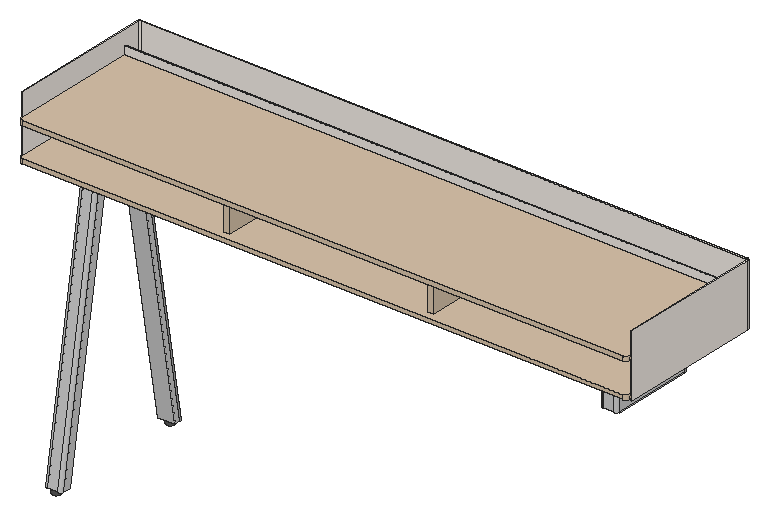
Revit family "Haworth_ActiveComponents_SideCar_Basic_BUILD", category Furniture Systems, Revit 2015
Parameters (values of type "72w 8h - Stanchion with Leg")
  Support Column = no
  Stanchion with Leg = yes
  Stanchion Offset = 4 1/4"  # constant formula
  Width = 72"
  Warranty = "http://www.haworth.com/resources/product-info/warranties"
  URL - Product = "http://www.haworth.com/products/workspaces/accessories/active-components"
  URL = "http://www.haworth.com/"
  Type Comments = ""
  Trim Finish [instance] = Haworth _ Metal _ Brushed Aluminum
  Sustainability Info = "https://www.haworth.com/company-info/sustainability"
  Size = "Verify Final Dim. w/ Haworth"  # constant formula
  Shroud Finish [instance] = Haworth _ Paint _ Plaster
  Shelf Height = 1/2"  # constant formula
  Shelf Finish [instance] = Haworth _ Wood _ White Oak
  Revision Number = "1"  # constant formula
  No Supports = not(or(Support Column, Freestanding Support Leg_Double, Stanchion with Leg))  # no
  Model = "APSB, AQSB, ALSB, AZSB, ASSB, AYSB"  # constant formula
  Min. Width = 48"  # constant formula
  Min. Height = 8"  # constant formula
  Max. Width = 72"  # constant formula
  Max. Height = 14"  # constant formula
  Manufacturer = "Haworth"  # constant formula
  Left Leg Control = or(Freestanding Support Leg_Double, Stanchion with Leg)  # yes
  Height = 8"
  Freestanding Support Leg_Double = no
  Divider 3 Cubbies Control = Actual Width = 72"  # yes
  Divider 2 Cubbies Control = not(Divider 3 Cubbies Control)  # no
  Description = "Haworth - Active Components - Basic Side Car - 72w 8h"
  Custom Size = not(or(Width = 48", Width = 60", Width = 72"))  # no
  Author = "Haworth (Alias)"  # constant formula
  Assembly Code = "E2020200"
  Support Offset = (Actual Width - 6 3/8" - 4") / 2  # 30 13/16"
  Actual Width = if(Width < Min. Width, Min. Width, if(Width > Max. Width, Max. Width, Width))  # 72"
  Actual Mounting Height = 33 1/2"  # constant formula
  Actual Height = if(Height < Min. Height, Min. Height, if(Height > Max. Height, Max. Height, Height))  # 8"
  Actual Depth = 18"  # constant formula
Types (4): name | Support Column | Stanchion with Leg | No Supports | Left Leg Control | Freestanding Support Leg_Double
  72w 8h - Panel Mounted | no | no | yes | no | no
  72w 8h - Panel Mounted with Column | yes | no | no | no | no
  72w 8h - Freestanding | no | no | no | yes | yes
  72w 8h - Stanchion with Leg | no | yes | no | yes | no
Reference planes (in)
  plane 1 "Back": y = -1.25
  plane 2: z = 0
  plane 3 "Center L/R": x = 0
  plane 4 "Left": x = -36
  plane 5 "Right": x = 36
  plane 6 "Front": y = -19.25
  plane 7 "Bottom Shelf": z = 33.5
  plane 8 "Center (Front/Back)": y = -10.25
  plane 9 "Left Inside": x = -35.875
  plane 10 "Right Inside": x = 35.875
  plane 11: y = -1.375
  plane 12: z = 40.87
  plane 13: x = -0.39062
  plane 14: x = 0.39063
  plane 15: z = 33.75
  plane 16: z = 34.25
  plane 17: z = 38.3125
  plane 18: z = 37.8125
  plane 19: x = -11.625
  plane 20: x = -12.375
  plane 21: x = 11.625
  plane 22: x = 12.375
  plane 23 "Reinforcement Chanel Bottom": z = 32.87
  plane 24: x = -30.8125
  plane 25: x = 30.8125
  plane 26: x = 31.75
Forms (in)
  Extrusion 1, solid, material "Haworth _ Wood _ White Oak" <- "Shelf Finish"
    sketch origin (0, 0, 0) x (1, 0, 0) y (0, 1, 0)
      loop
        arc (-35.875, -18.75) -> (-35.72855, -19.10355) -> (-35.375, -19.25) r 0.5
        line (-35.375, -19.25) -> (35.375, -19.25)
        arc (35.375, -19.25) -> (35.72855, -19.10355) -> (35.875, -18.75) r 0.5
        line (35.875, -18.75) -> (35.875, -3.6353) -> (-35.875, -3.6353) -> (-35.875, -18.75)
    from 37.8125 to 38.3125
  Extrusion 2, solid, material "Haworth _ Wood _ White Oak" <- "Shelf Finish"
    sketch origin (0, 0, 0) x (1, 0, 0) y (0, 1, 0)
      loop
        line (-35.375, -19.25) -> (35.375, -19.25)
        arc (35.375, -19.25) -> (35.72855, -19.10355) -> (35.875, -18.75) r 0.5
        line (35.875, -18.75) -> (35.875, -6.54) -> (31.84375, -6.54)
        arc (31.84375, -6.54) -> (31.64488, -6.45762) -> (31.5625, -6.25875) r 0.28125
        line (31.5625, -6.25875) -> (31.5625, -1.385) -> (-31.5625, -1.385) -> (-31.5625, -6.25875)
        arc (-31.5625, -6.25875) -> (-31.64488, -6.45762) -> (-31.84375, -6.54) r 0.28125
        line (-31.84375, -6.54) -> (-35.875, -6.54) -> (-35.875, -18.75)
        arc (-35.875, -18.75) -> (-35.72855, -19.10355) -> (-35.375, -19.25) r 0.5
    from 33.75 to 34.25
  Extrusion 3, solid, material "Haworth _ Wood _ White Oak" <- "Shelf Finish", visible <- "Divider 2 Cubbies Control"
    sketch origin (0, 0, 0) x (1, 0, 0) y (0, 1, 0)
      loop
        line (-0.39062, -7.286) -> (-0.39062, -18.286) -> (0.39063, -18.286) -> (0.39063, -7.286) -> (-0.39062, -7.286)
    from 34.25 to 37.8125
  Extrusion 4, solid, material "Haworth _ Paint _ Plaster" <- "Shroud Finish"
    sketch origin (0, 0, 0) x (1, 0, 0) y (0, 1, 0)
      loop
        line (-35.80469, -3.5606) -> (-35.80469, -3.6353) -> (35.80469, -3.6353) -> (35.80469, -3.5606) -> (-35.80469, -3.5606)
    from 37.8125 to 39.2403
  Extrusion 5, solid, material "Haworth _ Wood _ White Oak" <- "Shelf Finish", visible <- "Divider 3 Cubbies Control"
    sketch origin (0, 0, 0) x (1, 0, 0) y (0, 1, 0)
      loop
        line (-12.375, -7.286) -> (-12.375, -18.286) -> (-11.625, -18.286) -> (-11.625, -7.286) -> (-12.375, -7.286)
      loop
        line (12.375, -7.286) -> (11.625, -7.286) -> (11.625, -18.286) -> (12.375, -18.286) -> (12.375, -7.286)
    from 34.25 to 37.8125
  Sweep 6, solid, material "Haworth _ Paint _ Plaster" <- "Shroud Finish"
    path origin (0, -10.25, 0) x (-1, 0, 0) y (0, 0, 1)
      loop
        line (0, 33.5) -> (0, 40.87)
    profile origin (0, -10.25, 37.185) x (1, 0, 0) y (0, 1, 0)
      loop
        line (-36, -8.312) -> (-35.875, -8.312) -> (-35.875, 8.67578)
        arc (-35.875, 8.67578) -> (-35.81665, 8.81665) -> (-35.67578, 8.875) r 0.19922
        line (-35.67578, 8.875) -> (35.67578, 8.875)
        arc (35.67578, 8.875) -> (35.81665, 8.81665) -> (35.875, 8.67578) r 0.19922
        line (35.875, 8.67578) -> (35.875, -8.312) -> (36, -8.312) -> (36, 8.67578)
        arc (36, 8.67578) -> (35.90504, 8.90504) -> (35.67578, 9) r 0.32422
        line (35.67578, 9) -> (-35.67578, 9)
        arc (-35.67578, 9) -> (-35.90504, 8.90504) -> (-36, 8.67578) r 0.32422
        line (-36, 8.67578) -> (-36, -8.312)
  Sweep 7, solid, material "Haworth _ Metal _ Brushed Aluminum" <- "Trim Finish"
    path origin (0, 0, 33.5) x (0, 1, 0) y (-1, 0, 0)
      loop
        line (-10.25, 24.60937) -> (-10.25, -23.60938)
    profile origin (-0.5, -10.25, 33.5) x (0, 1, 0) y (0, 0, 1)
      loop
        arc (-2.34, -0.125) -> (-2.37661, -0.03661) -> (-2.465, 0) r 0.125
        line (-2.465, 0) -> (-3.02, 0) -> (-3.02, -0.06) -> (-2.4625, -0.06)
        arc (-2.4625, -0.06) -> (-2.41831, -0.0783) -> (-2.4, -0.1225) r 0.0625
        line (-2.4, -0.1225) -> (-2.4, -0.505)
        arc (-2.4, -0.505) -> (-2.36339, -0.59339) -> (-2.275, -0.63) r 0.125
        line (-2.275, -0.63) -> (-0.655, -0.63)
        arc (-0.655, -0.63) -> (-0.56661, -0.59339) -> (-0.53, -0.505) r 0.125
        line (-0.53, -0.505) -> (-0.53, -0.1225)
        arc (-0.53, -0.1225) -> (-0.51169, -0.0783) -> (-0.4675, -0.06) r 0.0625
        line (-0.4675, -0.06) -> (0.09, -0.06) -> (0.09, 0) -> (-0.465, 0)
        arc (-0.465, 0) -> (-0.55339, -0.03661) -> (-0.59, -0.125) r 0.125
        line (-0.59, -0.125) -> (-0.59, -0.5075)
        arc (-0.59, -0.5075) -> (-0.60831, -0.55169) -> (-0.6525, -0.57) r 0.0625
        line (-0.6525, -0.57) -> (-2.2775, -0.57)
        arc (-2.2775, -0.57) -> (-2.32169, -0.55169) -> (-2.34, -0.5075) r 0.0625
        line (-2.34, -0.5075) -> (-2.34, -0.125)
  Sweep 8, solid, material "Haworth _ Wood _ White Oak" <- "Shelf Finish"
    path origin (0, -19.25, 0) x (-1, 0, 0) y (0, 0, 1)
      loop
        line (0, 33.5) -> (0, 33.75)
    profile origin (0, -19.25, 33.625) x (1, 0, 0) y (0, 1, 0)
      loop
        line (-34.0625, 1.25) -> (34.0625, 1.25)
        arc (34.0625, 1.25) -> (34.41605, 1.39645) -> (34.5625, 1.75) r 0.5
        line (34.5625, 1.75) -> (34.5625, 12.71) -> (31.84375, 12.71)
        arc (31.84375, 12.71) -> (31.64488, 12.79238) -> (31.5625, 12.99125) r 0.28125
        line (31.5625, 12.99125) -> (31.5625, 17.865) -> (-31.5625, 17.865) -> (-31.5625, 12.99125)
        arc (-31.5625, 12.99125) -> (-31.64488, 12.79238) -> (-31.84375, 12.71) r 0.28125
        line (-31.84375, 12.71) -> (-34.5625, 12.71) -> (-34.5625, 1.75)
        arc (-34.5625, 1.75) -> (-34.41605, 1.39645) -> (-34.0625, 1.25) r 0.5
Lines and regions (in)
  Masking region 1
    outline origin (0, 0, 0) x (1, 0, 0) y (0, 1, 0)
      loop
        line (-36, -1.25) -> (-36, -18.75)
        arc (-36, -18.75) -> (-35.85355, -19.10355) -> (-35.5, -19.25) r 0.5
        line (-35.5, -19.25) -> (35.5, -19.25)
        arc (35.5, -19.25) -> (35.85355, -19.10355) -> (36, -18.75) r 0.5
        line (36, -18.75) -> (36, -1.25) -> (-36, -1.25)
Dimensions and locks (in)
  equal spacing: plane 4 "Left", plane 3 "Center L/R", plane 5 "Right"
  "Actual Width": plane 4 "Left" to plane 5 "Right"
  equal spacing: plane 1 "Back", plane 8 "Center (Front/Back)", plane 6 "Front"
  "Actual Depth": plane 1 "Back" to plane 6 "Front"
  locked: plane 4 "Left" to plane 9 "Left Inside" at 0.125
  locked: plane 10 "Right Inside" to plane 5 "Right" at 0.125
  locked: plane 11 to plane 1 "Back" at 0.125
  locked: plane 13 to plane 3 "Center L/R" at 0.39063
  locked: plane 3 "Center L/R" to plane 14 at 0.39063
  locked: plane 15 to plane 7 "Bottom Shelf" at 0.25
  locked: plane 16 to plane 15 at 0.5
  locked: plane 17 to plane 18 at 0.5
  locked: plane 18 to plane 16 at 3.5625
  locked: plane 4 "Left" to Extrusion 4 sketch curve at 0.19531
  locked: Extrusion 4 sketch curve to plane 5 "Right" at 0.19531
  locked: plane 9 "Left Inside" to Extrusion 2 sketch curve at 4.3125
  locked: Extrusion 2 sketch curve to plane 10 "Right Inside" at 4.3125
  locked: plane 20 to plane 19 at 0.75
  locked: plane 19 to plane 3 "Center L/R" at 11.625
  locked: plane 22 to plane 21 at 0.75
  locked: plane 3 "Center L/R" to plane 21 at 11.625
  locked: plane 8 "Center (Front/Back)" to Extrusion 1 sketch curve at 6.6147
  locked: Extrusion 2 sketch curve to plane 8 "Center (Front/Back)" at 3.71  (x2)
  locked: Extrusion 5 sketch curve to plane 8 "Center (Front/Back)" at 2.964  (x2)
  locked: plane 8 "Center (Front/Back)" to Extrusion 5 sketch curve at 8.036  (x2)
  locked: Extrusion 3 sketch curve to plane 8 "Center (Front/Back)" at 2.964
  locked: plane 8 "Center (Front/Back)" to Extrusion 3 sketch curve at 8.036
  locked: Extrusion 4 sketch curve to plane 8 "Center (Front/Back)" at 6.6147
  locked: Extrusion 4 sketch curve to plane 8 "Center (Front/Back)" at 6.6894
  locked: Extrusion 4 to plane 18 at 1.4278
  locked: Sweep 6 sketch curve to plane 8 "Center (Front/Back)" at 8.312
  locked: plane 8 "Center (Front/Back)" to Sweep 6 sketch curve at 8.312
  locked: Sweep 7 sketch curve to plane 5 "Right" at 12.39063
  locked: plane 4 "Left" to Sweep 7 sketch curve at 11.39063
  locked: plane 7 "Bottom Shelf" to plane 23 "Reinforcement Chanel Bottom" at 0.63
  "Actual Height": plane 12 to plane 23 "Reinforcement Chanel Bottom"
  locked: Sweep 8 sketch curve to plane 5 "Right" at 4.4375
  locked: Sweep 8 sketch curve to plane 5 "Right" at 1.4375
  locked: plane 4 "Left" to Sweep 8 sketch curve at 1.4375
  locked: plane 4 "Left" to Sweep 8 sketch curve at 4.4375
  "Actual Mounting Height": plane 7 "Bottom Shelf" to plane 2
  "Support Offset": plane 24 to plane 3 "Center L/R"
  "Support Offset": plane 3 "Center L/R" to plane 25
  "Stanchion Offset": plane 26 to plane 5 "Right"
  aligned and locked: level to plane 2
  aligned and locked: plane 18 to Extrusion 1
  aligned and locked: Extrusion 1 to plane 17
  aligned and locked: Extrusion 2 sketch curve to plane 6 "Front"
  aligned and locked: plane 9 "Left Inside" to Extrusion 2 sketch curve
  aligned and locked: plane 10 "Right Inside" to Extrusion 2 sketch curve
  aligned and locked: Extrusion 2 to plane 16
  aligned and locked: Extrusion 2 to plane 15
  aligned and locked: Extrusion 1 sketch curve to plane 6 "Front"
  aligned and locked: Extrusion 1 sketch curve to plane 9 "Left Inside"
  aligned and locked: plane 10 "Right Inside" to Extrusion 1 sketch curve
  aligned and locked: Extrusion 3 sketch curve to plane 13
  aligned and locked: Extrusion 3 sketch curve to plane 14
  aligned and locked: plane 18 to Extrusion 3
  aligned and locked: Extrusion 3 to plane 16
  aligned and locked: Extrusion 4 to plane 18
  aligned and locked: plane 19 to Extrusion 5 sketch curve
  aligned and locked: Extrusion 5 sketch curve to plane 20
  aligned and locked: Extrusion 5 sketch curve to plane 22
  aligned and locked: Extrusion 5 sketch curve to plane 21
  aligned and locked: plane 18 to Extrusion 5
  aligned and locked: Extrusion 5 to plane 16
  aligned and locked: plane 3 "Center L/R" to Sweep 6 sketch curve
  aligned and locked: plane 12 to Sweep 6 sketch curve
  aligned and locked: plane 7 "Bottom Shelf" to Sweep 6 sketch curve
  aligned and locked: plane 4 "Left" to Sweep 6 sketch curve
  aligned and locked: Sweep 6 sketch curve to plane 9 "Left Inside"
  aligned and locked: Sweep 6 sketch curve to plane 11
  aligned and locked: Sweep 6 sketch curve to plane 1 "Back"
  aligned and locked: plane 10 "Right Inside" to Sweep 6 sketch curve
  aligned and locked: plane 5 "Right" to Sweep 6 sketch curve
  aligned and locked: plane 5 "Right" to Masking region 1 sketch curve
  aligned and locked: plane 6 "Front" to Masking region 1 sketch curve
  aligned and locked: plane 4 "Left" to Masking region 1 sketch curve
  aligned and locked: plane 1 "Back" to Masking region 1 sketch curve
  aligned and locked: Sweep 7 sketch curve to plane 8 "Center (Front/Back)"
  aligned and locked: profile plane to plane 7 "Bottom Shelf"
  aligned and locked: profile plane to plane 8 "Center (Front/Back)"
  aligned and locked: plane 3 "Center L/R" to Sweep 8 sketch curve
  aligned and locked: plane 15 to Sweep 8 sketch curve
  aligned and locked: plane 7 "Bottom Shelf" to Sweep 8 sketch curve
  aligned and locked: plane 2 to nested 2
  aligned and locked: plane 2 to nested 1
  aligned and locked: plane 2 to nested 3
  aligned and locked: plane 2 to nested 4
  aligned and locked: nested 1 to plane 24
  aligned and locked: nested 2 to plane 25
  aligned and locked: nested 4 to plane 26
  aligned and locked: nested 4 to plane 8 "Center (Front/Back)"
  aligned and locked: nested 2 to plane 8 "Center (Front/Back)"
  aligned and locked: nested 1 to plane 8 "Center (Front/Back)"
  aligned and locked: nested 3 to plane 24
  aligned and locked: nested 3 to plane 8 "Center (Front/Back)"
Automatic sketch dimensions
  Extrusion 1 sketch curve to plane 9 "Left Inside" = 1/2"
  Extrusion 1 sketch curve to plane 10 "Right Inside" = 1/2"
  plane 6 "Front" to Extrusion 2 sketch curve = 1/2"
  Extrusion 2 sketch curve to plane 9 "Left Inside" = 4 1/32"
  plane 11 to Extrusion 2 sketch curve = 0.01"
  Extrusion 2 sketch curve to Extrusion 2 sketch curve = 9/32"
  Extrusion 2 sketch curve to Extrusion 2 sketch curve = 1/2"
  Sweep 6 sketch curve to Sweep 6 sketch curve = 0"  (x2)
  Sweep 6 sketch curve to Sweep 6 sketch curve = 51/256"  (x2)
  Masking region 1 sketch curve to plane 9 "Left Inside" = 3/8"
  Masking region 1 sketch curve to plane 10 "Right Inside" = 3/8"
  Sweep 7 sketch curve to plane 7 "Bottom Shelf" = 0.06"
  profile plane to Sweep 7 sketch curve = 3.02"
  Sweep 7 sketch curve to Sweep 7 sketch curve = 0.555"
  Sweep 7 sketch curve to Sweep 7 sketch curve = 0.0025"  (x7)
  Sweep 7 sketch curve to plane 7 "Bottom Shelf" = 0.505"  (x2)
  Sweep 7 sketch curve to Sweep 7 sketch curve = 0.065"
  Sweep 7 sketch curve to plane 7 "Bottom Shelf" = 0.5075"
  Sweep 7 sketch curve to Sweep 7 sketch curve = 0.06"
  Sweep 7 sketch curve to Sweep 7 sketch curve = 1/16"  (x2)
  profile plane to Sweep 7 sketch curve = 0.655"
  Sweep 7 sketch curve to profile plane = 0.09"
  Sweep 7 sketch curve to plane 7 "Bottom Shelf" = 1/8"
  plane 6 "Front" to Sweep 8 sketch curve = 12.71"
  Sweep 8 sketch curve to Sweep 8 sketch curve = 1/2"
  Sweep 8 sketch curve to Sweep 8 sketch curve = 9/32"  (x2)
  plane 6 "Front" to Sweep 8 sketch curve = 12.99125"
  plane 6 "Front" to Sweep 8 sketch curve = 1 3/4"
  Sweep 8 sketch curve to Sweep 8 sketch curve = 2 7/32"
  Sweep 8 sketch curve to Sweep 8 sketch curve = 4.87375"
Nested families (in)
  nested 1: "Haworth_ActiveComponents_SideCar_AngledLeg_Part" at (-31.8125, -10.25, 0), visible <- "Left Leg Control", type "Leg"
  nested 2: "Haworth_ActiveComponents_SideCar_AngledLeg_Part" at (31.8125, -10.25, 0), visible <- "Freestanding Support Leg_Double", type "Leg"
  nested 3: "Haworth_ActiveComponents_SideCar_Column_Part" at (-31.5, -10.25, 0), visible <- "Support Column", type "Column"
  nested 4: "Haworth_ActiveComponents_SideCar_Stanchion_Part" at (30.75, -10.25, 0), visible <- "Stanchion with Leg", type "Stanchion"
Definition of nested family "Haworth_ActiveComponents_SideCar_AngledLeg_Part"
  Parameters (values of type "Leg")
    Warranty = "https://www.haworth.com/resources/product-info/warranties"
    URL - Product = "https://www.haworth.com/products/workspaces/accessories/active-components"
    URL = "www.haworth.com"
    Trim Finish = none
    Note = "Verify Final Dim. w/ Haworth"  # constant formula
    Model = "Haworth Active Components"  # constant formula
    Manufacturer = "Haworth"  # constant formula
    Leg Height = 33 1/2"  # constant formula
    Glide Finish = none
    Description = "Haworth Active Components - Side Car Angled Leg"
    Author = "Haworth (Alias)"  # constant formula
    Assembly Code = ""
  Reference planes (in)
    plane 1 "Center (Front/Back)": y = 0
    plane 2 "Bottom": z = 0
    plane 3 "Center (Left/Right)": x = 0
    plane 4 "Glide End": z = 0.5
    plane 5 "Right": x = 1
    plane 6 "Left": x = -1
    plane 7 "Back": y = 8.9375
    plane 8 "Front": y = -8.9375
    plane 9: z = 33.5
  Forms (in)
    Extrusion 1, solid, material <- "Glide Finish"
      sketch origin (0, 0, 0) x (1, 0, 0) y (0, 1, 0)
        loop
          circle (0, -8.39063) r 0.5
        loop
          circle (0, 8.39062) r 0.5
      from 0 to 0.5
    Blend 2, solid, material <- "Trim Finish"
      base sketch origin (0, 0, 0) x (1, 0, 0) y (0, 1, 0)
        loop
          line (-0.625, -8.9375) -> (0.625, -8.9375)
          arc (0.625, -8.9375) -> (0.89017, -8.82767) -> (1, -8.5625) r 0.375
          line (1, -8.5625) -> (1, -7.75) -> (-1, -7.75) -> (-1, -8.5625)
          arc (-1, -8.5625) -> (-0.89017, -8.82767) -> (-0.625, -8.9375) r 0.375
      top sketch origin (0, 0, 0) x (1, 0, 0) y (0, 1, 0)
        loop
          line (-1, -2.01563) -> (-1, -2.82813)
          arc (-1, -2.82813) -> (-0.89017, -3.09329) -> (-0.625, -3.20313) r 0.375
          line (-0.625, -3.20313) -> (0.625, -3.20313)
          arc (0.625, -3.20313) -> (0.89017, -3.09329) -> (1, -2.82813) r 0.375
          line (1, -2.82813) -> (1, -2.01563) -> (-1, -2.01563)
      from 0.5 to 33.5
    Blend 3, solid, material <- "Trim Finish"
      base sketch origin (0, 0, 0) x (1, 0, 0) y (0, 1, 0)
        loop
          arc (-0.625, 8.9375) -> (-0.89017, 8.82767) -> (-1, 8.5625) r 0.375
          line (-1, 8.5625) -> (-1, 7.75) -> (1, 7.75) -> (1, 8.5625)
          arc (1, 8.5625) -> (0.89017, 8.82767) -> (0.625, 8.9375) r 0.375
          line (0.625, 8.9375) -> (-0.625, 8.9375)
      top sketch origin (0, 0, 0) x (1, 0, 0) y (0, 1, 0)
        loop
          line (-1, 2.01563) -> (1, 2.01563) -> (1, 2.82813)
          arc (1, 2.82813) -> (0.89017, 3.09329) -> (0.625, 3.20313) r 0.375
          line (0.625, 3.20313) -> (-0.625, 3.20313)
          arc (-0.625, 3.20313) -> (-0.89017, 3.09329) -> (-1, 2.82813) r 0.375
          line (-1, 2.82813) -> (-1, 2.01563)
      from 0.5 to 33.5
  Lines and regions (in)
    Masking region 1, detail levels medium+fine
      outline origin (0, 0, 0) x (1, 0, 0) y (0, 1, 0)
        loop
          arc (-0.625, 8.9375) -> (-0.89017, 8.82767) -> (-1, 8.5625) r 0.375
          line (-1, 8.5625) -> (-1, -8.5625)
          arc (-1, -8.5625) -> (-0.89017, -8.82767) -> (-0.625, -8.9375) r 0.375
          line (-0.625, -8.9375) -> (0.625, -8.9375)
          arc (0.625, -8.9375) -> (0.89017, -8.82767) -> (1, -8.5625) r 0.375
          line (1, -8.5625) -> (1, 8.5625)
          arc (1, 8.5625) -> (0.89017, 8.82767) -> (0.625, 8.9375) r 0.375
          line (0.625, 8.9375) -> (-0.625, 8.9375)
  Dimensions and locks (in)
    level to plane 4 "Glide End" = 1/2"
    locked: plane 4 "Glide End" to plane 2 "Bottom" at 0.5
    equal spacing: plane 8 "Front", plane 1 "Center (Front/Back)", plane 7 "Back"
    "Leg Height": plane 9 to plane 2 "Bottom"
    equal spacing: plane 6 "Left", plane 3 "Center (Left/Right)", plane 5 "Right"
    locked: plane 6 "Left" to plane 5 "Right" at 2
    locked: plane 8 "Front" to plane 7 "Back" at 17.875
    locked: Blend 2 sketch curve to plane 8 "Front" at 1.1875
    locked: Blend 2 sketch curve to plane 1 "Center (Front/Back)" at 2.01562
    locked: Blend 2 sketch curve to Blend 2 sketch curve at 1.1875
    locked: Blend 3 sketch curve to Blend 3 sketch curve at 1.1875
    locked: plane 7 "Back" to Blend 3 sketch curve at 1.1875
    locked: plane 1 "Center (Front/Back)" to Blend 3 sketch curve at 2.01562
    aligned and locked: Extrusion 1 to plane 2 "Bottom"
    aligned and locked: Extrusion 1 to plane 4 "Glide End"
    aligned and locked: Masking region 1 sketch curve to plane 5 "Right"
    aligned and locked: Masking region 1 sketch curve to plane 7 "Back"
    aligned and locked: Masking region 1 sketch curve to plane 6 "Left"
    aligned and locked: Masking region 1 sketch curve to plane 8 "Front"
    aligned and locked: plane 3 "Center (Left/Right)" to Extrusion 1 sketch curve  (x2)
    aligned and locked: plane 8 "Front" to Blend 2 sketch curve
    aligned and locked: plane 5 "Right" to Blend 2 sketch curve
    aligned and locked: plane 6 "Left" to Blend 2 sketch curve
    aligned and locked: Blend 2 sketch curve to plane 6 "Left"
    aligned and locked: Blend 2 sketch curve to plane 5 "Right"
    aligned and locked: plane 9 to Blend 2
    aligned and locked: plane 4 "Glide End" to Blend 2
    aligned and locked: Blend 3 sketch curve to plane 7 "Back"
    aligned and locked: Blend 3 sketch curve to plane 5 "Right"
    aligned and locked: Blend 3 sketch curve to plane 6 "Left"
    aligned and locked: plane 5 "Right" to Blend 3 sketch curve
    aligned and locked: plane 6 "Left" to Blend 3 sketch curve
    aligned and locked: plane 4 "Glide End" to Blend 3
    aligned and locked: plane 9 to Blend 3
  Automatic sketch dimensions
    Extrusion 1 sketch curve to plane 8 "Front" = 35/64"
    Extrusion 1 sketch curve to plane 7 "Back" = 35/64"
    Blend 2 sketch curve to plane 6 "Left" = 3/8"  (x2)
    Blend 2 sketch curve to plane 5 "Right" = 3/8"  (x2)
    plane 6 "Left" to Blend 3 sketch curve = 3/8"  (x2)
    plane 5 "Right" to Blend 3 sketch curve = 3/8"  (x2)
    Masking region 1 sketch curve to plane 6 "Left" = 3/8"  (x2)
    Masking region 1 sketch curve to plane 5 "Right" = 3/8"  (x2)
    radius of Extrusion 1 sketch curve = 1/2"  (x2)
Definition of nested family "Haworth_ActiveComponents_SideCar_Column_Part"
  Parameters (values of type "Column")
    Warranty = "https://www.haworth.com/resources/product-info/warranties"
    URL - Product = "https://www.haworth.com/products/workspaces/accessories/active-components"
    URL = "www.haworth.com"
    Trim Finish = none
    Note = "Verify Final Dim. w/ Haworth"  # constant formula
    Model = "Haworth Active Components"  # constant formula
    Manufacturer = "Haworth"  # constant formula
    Leg Height = 33 1/2"  # constant formula
    Glide Finish = none
    Description = "Haworth Active Components - Side Car Column"
    Author = "Haworth (Alias)"  # constant formula
    Assembly Code = ""
  Reference planes (in)
    plane 1 "Center (Front/Back)": y = 0
    plane 2 "Bottom": z = 0
    plane 3 "Center (Left/Right)": x = 0
    plane 4: z = 0.5
    plane 5 "Right": x = 0.6875
    plane 6 "Left": x = -0.6875
    plane 7 "Back": y = 1.09375
    plane 8 "Front": y = -1.09375
    plane 9: z = 33.5
  Forms (in)
    Extrusion 1, solid, material <- "Trim Finish"
      sketch origin (0, 0, 2.5625) x (-1, 0, 0) y (0, -1, 0)
        loop
          arc (0.3125, -1.09375) -> (0.57767, -0.98392) -> (0.6875, -0.71875) r 0.375
          line (0.6875, -0.71875) -> (0.6875, 0.71875)
          arc (0.6875, 0.71875) -> (0.57767, 0.98392) -> (0.3125, 1.09375) r 0.375
          line (0.3125, 1.09375) -> (-0.3125, 1.09375)
          arc (-0.3125, 1.09375) -> (-0.57767, 0.98392) -> (-0.6875, 0.71875) r 0.375
          line (-0.6875, 0.71875) -> (-0.6875, -0.71875)
          arc (-0.6875, -0.71875) -> (-0.57767, -0.98392) -> (-0.3125, -1.09375) r 0.375
          line (-0.3125, -1.09375) -> (0.3125, -1.09375)
      from -2.0625 to 30.9375
    Extrusion 2, solid, material <- "Glide Finish"
      sketch origin (0, 0, 0) x (1, 0, 0) y (0, 1, 0)
        loop
          circle (0, 0) r 0.53553
      from 0 to 0.5
  Lines and regions (in)
    Masking region 1, detail levels medium+fine
      outline origin (0, 0, 0) x (1, 0, 0) y (0, 1, 0)
        loop
          arc (-0.3125, 1.09375) -> (-0.57767, 0.98392) -> (-0.6875, 0.71875) r 0.375
          line (-0.6875, 0.71875) -> (-0.6875, -0.71875)
          arc (-0.6875, -0.71875) -> (-0.57767, -0.98392) -> (-0.3125, -1.09375) r 0.375
          line (-0.3125, -1.09375) -> (0.3125, -1.09375)
          arc (0.3125, -1.09375) -> (0.57767, -0.98392) -> (0.6875, -0.71875) r 0.375
          line (0.6875, -0.71875) -> (0.6875, 0.71875)
          arc (0.6875, 0.71875) -> (0.57767, 0.98392) -> (0.3125, 1.09375) r 0.375
          line (0.3125, 1.09375) -> (-0.3125, 1.09375)
  Dimensions and locks (in)
    level to plane 4 = 1/2"
    locked: plane 4 to plane 2 "Bottom" at 0.5
    equal spacing: plane 6 "Left", plane 3 "Center (Left/Right)", plane 5 "Right"
    locked: plane 6 "Left" to plane 5 "Right" at 1.375
    equal spacing: plane 8 "Front", plane 1 "Center (Front/Back)", plane 7 "Back"
    locked: plane 7 "Back" to plane 8 "Front" at 2.1875
    "Leg Height": plane 9 to plane 2 "Bottom"
    aligned and locked: Extrusion 2 to plane 2 "Bottom"
    aligned and locked: Extrusion 2 to plane 4
    aligned and locked: plane 4 to Extrusion 1
    aligned and locked: plane 1 "Center (Front/Back)" to Extrusion 2 sketch curve
    aligned and locked: plane 3 "Center (Left/Right)" to Extrusion 2 sketch curve
    aligned and locked: Extrusion 1 sketch curve to plane 5 "Right"
    aligned and locked: Extrusion 1 sketch curve to plane 6 "Left"
    aligned and locked: Extrusion 1 sketch curve to plane 7 "Back"
    aligned and locked: Extrusion 1 sketch curve to plane 8 "Front"
    aligned and locked: Masking region 1 sketch curve to plane 5 "Right"
    aligned and locked: Masking region 1 sketch curve to plane 7 "Back"
    aligned and locked: Masking region 1 sketch curve to plane 6 "Left"
    aligned and locked: Masking region 1 sketch curve to plane 8 "Front"
    aligned and locked: plane 9 to Extrusion 1
  Automatic sketch dimensions
    plane 3 "Center (Left/Right)" to Extrusion 1 sketch curve = 5/16"  (x2)
    Extrusion 1 sketch curve to plane 3 "Center (Left/Right)" = 5/16"  (x2)
    Masking region 1 sketch curve to plane 3 "Center (Left/Right)" = 5/16"  (x2)
    plane 3 "Center (Left/Right)" to Masking region 1 sketch curve = 5/16"  (x2)
    radius of Extrusion 2 sketch curve = 0.53553"
Definition of nested family "Haworth_ActiveComponents_SideCar_Stanchion_Part"
  Parameters (values of type "Stanchion")
    Warranty = "https://www.haworth.com/resources/product-info/warranties"
    URL - Product = "https://www.haworth.com/products/workspaces/accessories/active-components"
    URL = "www.haworth.com"
    Trim Finish = none
    Note = "Verify Final Dim. w/ Haworth"  # constant formula
    Model = "Haworth Active Components"  # constant formula
    Manufacturer = "Haworth"  # constant formula
    Stanchion Height = 29 3/16"  # constant formula
    Description = "Haworth Active Components - Side Car Stanchion"
    Author = "Haworth (Alias)"  # constant formula
    Assembly Code = ""
  Reference planes (in)
    plane 1 "Center (Front/Back)": y = 0
    plane 2 "Bottom": z = 0
    plane 3 "Center (Left/Right)": x = 0
    plane 4 "Right": x = 1
    plane 5 "Left": x = -1
    plane 6 "Back": y = 5.1875
    plane 7 "Front": y = -5.1875
    plane 8: z = 33.5
    plane 9: z = 29.1875
    plane 10: z = 29.29687
  Forms (in)
    Extrusion 1, solid, material <- "Trim Finish"
      sketch origin (0, 0, 0) x (1, 0, 0) y (0, 1, 0)
        loop
          arc (-0.625, 5.1875) -> (-0.89017, 5.07767) -> (-1, 4.8125) r 0.375
          line (-1, 4.8125) -> (-1, -4.8125)
          arc (-1, -4.8125) -> (-0.89017, -5.07767) -> (-0.625, -5.1875) r 0.375
          line (-0.625, -5.1875) -> (0.625, -5.1875)
          arc (0.625, -5.1875) -> (0.89017, -5.07767) -> (1, -4.8125) r 0.375
          line (1, -4.8125) -> (1, 4.8125)
          arc (1, 4.8125) -> (0.89017, 5.07767) -> (0.625, 5.1875) r 0.375
          line (0.625, 5.1875) -> (-0.625, 5.1875)
        loop
          arc (0.9375, 4.8125) -> (0.84597, 5.03347) -> (0.625, 5.125) r 0.3125
          line (0.625, 5.125) -> (-0.625, 5.125)
          arc (-0.625, 5.125) -> (-0.84597, 5.03347) -> (-0.9375, 4.8125) r 0.3125
          line (-0.9375, 4.8125) -> (-0.9375, -4.8125)
          arc (-0.9375, -4.8125) -> (-0.84597, -5.03347) -> (-0.625, -5.125) r 0.3125
          line (-0.625, -5.125) -> (0.625, -5.125)
          arc (0.625, -5.125) -> (0.84597, -5.03347) -> (0.9375, -4.8125) r 0.3125
          line (0.9375, -4.8125) -> (0.9375, 4.8125)
      from 29.29687 to 33.5
    Extrusion 2, solid, material <- "Trim Finish"
      sketch origin (0, 0, 0) x (1, 0, 0) y (0, 1, 0)
        loop
          line (1, 4.795) -> (0.85261, 4.795)
          arc (0.85261, 4.795) -> (0.76422, 4.75839) -> (0.72761, 4.67) r 0.125
          line (0.72761, 4.67) -> (0.72761, 3.54963)
          arc (0.72761, 3.54963) -> (0.69105, 3.46136) -> (0.60278, 3.4248) r 0.12483
          line (0.60278, 3.4248) -> (-0.727, 3.4248) -> (-0.727, 4.795) -> (-1, 4.795) -> (-1, -4.795) -> (-0.727, -4.795) -> (-0.727, -3.4248) -> (0.60278, -3.4248)
          arc (0.60278, -3.4248) -> (0.69105, -3.46136) -> (0.72761, -3.54963) r 0.12483
          line (0.72761, -3.54963) -> (0.72761, -4.67)
          arc (0.72761, -4.67) -> (0.76422, -4.75839) -> (0.85261, -4.795) r 0.125
          line (0.85261, -4.795) -> (1, -4.795) -> (1, 4.795)
      from 29.1875 to 29.29687
  Lines and regions (in)
    Masking region 1, detail levels medium+fine
      outline origin (0, 0, 0) x (1, 0, 0) y (0, 1, 0)
        loop
          arc (-0.625, 5.1875) -> (-0.89017, 5.07767) -> (-1, 4.8125) r 0.375
          line (-1, 4.8125) -> (-1, -4.8125)
          arc (-1, -4.8125) -> (-0.89017, -5.07767) -> (-0.625, -5.1875) r 0.375
          line (-0.625, -5.1875) -> (0.625, -5.1875)
          arc (0.625, -5.1875) -> (0.89017, -5.07767) -> (1, -4.8125) r 0.375
          line (1, -4.8125) -> (1, 4.8125)
          arc (1, 4.8125) -> (0.89017, 5.07767) -> (0.625, 5.1875) r 0.375
          line (0.625, 5.1875) -> (-0.625, 5.1875)
  Dimensions and locks (in)
    equal spacing: plane 7 "Front", plane 1 "Center (Front/Back)", plane 6 "Back"
    locked: plane 8 to plane 2 "Bottom" at 33.5
    equal spacing: plane 5 "Left", plane 3 "Center (Left/Right)", plane 4 "Right"
    locked: plane 5 "Left" to plane 4 "Right" at 2
    "Stanchion Height": plane 9 to plane 2 "Bottom"
    locked: plane 7 "Front" to plane 6 "Back" at 10.375
    locked: plane 10 to plane 9 at 0.10938
    aligned and locked: Masking region 1 sketch curve to plane 4 "Right"
    aligned and locked: Masking region 1 sketch curve to plane 6 "Back"
    aligned and locked: Masking region 1 sketch curve to plane 5 "Left"
    aligned and locked: Masking region 1 sketch curve to plane 7 "Front"
    aligned and locked: Extrusion 1 sketch curve to plane 4 "Right"
    aligned and locked: Extrusion 1 sketch curve to plane 5 "Left"
    aligned and locked: Extrusion 1 sketch curve to plane 6 "Back"
    aligned and locked: plane 7 "Front" to Extrusion 1 sketch curve
    aligned and locked: plane 8 to Extrusion 1
    aligned and locked: Extrusion 1 to plane 10
    aligned and locked: plane 10 to Extrusion 2
    aligned and locked: Extrusion 2 to plane 9
  Automatic sketch dimensions
    Masking region 1 sketch curve to plane 5 "Left" = 3/8"  (x2)
    Masking region 1 sketch curve to plane 4 "Right" = 3/8"  (x2)
    Extrusion 1 sketch curve to plane 5 "Left" = 3/8"  (x2)
    Extrusion 1 sketch curve to plane 4 "Right" = 3/8"
    Extrusion 1 sketch curve to Extrusion 1 sketch curve = 3/8"
    Extrusion 1 sketch curve to Extrusion 1 sketch curve = 0"  (x7)
    Extrusion 1 sketch curve to plane 5 "Left" = 1/16"
    Extrusion 2 sketch curve to plane 5 "Left" = 0"
    Extrusion 2 sketch curve to plane 4 "Right" = 0"
    Extrusion 2 sketch curve to plane 5 "Left" = 0.273"  (x2)
    Extrusion 2 sketch curve to plane 4 "Right" = 0.39722"  (x2)
    Extrusion 2 sketch curve to Extrusion 2 sketch curve = 0.12483"
    Extrusion 2 sketch curve to plane 4 "Right" = 0.27239"
    Extrusion 2 sketch curve to Extrusion 2 sketch curve = 1/8"  (x2)
    Extrusion 2 sketch curve to plane 7 "Front" = 0.3925"  (x2)
    Extrusion 2 sketch curve to Extrusion 2 sketch curve = 1.12037"
    Extrusion 2 sketch curve to plane 6 "Back" = 1.7627"
    Extrusion 2 sketch curve to plane 6 "Back" = 0.5175"
    Extrusion 2 sketch curve to plane 6 "Back" = 0.3925"
